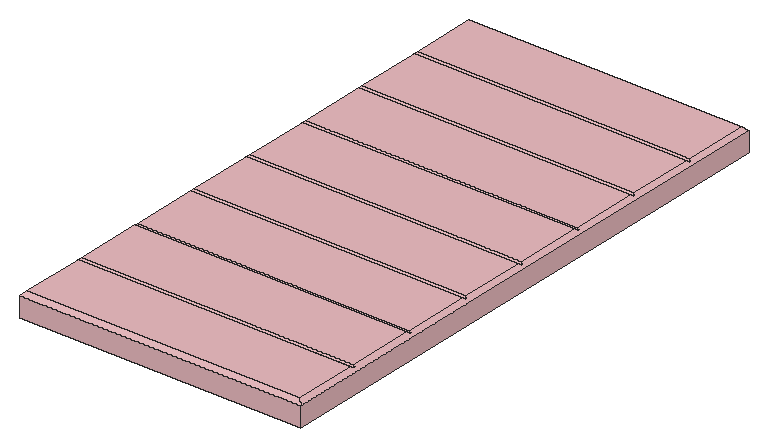
Revit family "LATITUDE 2ft x 4ft", category Specialty Equipment, Revit 2023
Family settings
  Round Connector Dimension = Use Diameter
  Part Type = Normal
  OmniClass Number = 23.35.00.00
  OmniClass Title = Covering, Cladding, and Finishes
  Work Plane-Based = Yes
  Enable Cutting in Views = Yes
  Always vertical = No
  Cut with Voids When Loaded = No
  Maintain Annotation Orientation = No
  Shared = No
  Room Calculation Point = No
Parameters (values of type "2 INCH THICK - CUSTOM PAINTED - STANDARD")
  URL = "https://www.acousticalsurfaces.com/envirocoustic-wood-wool/designs/"
  Type Comments = "Acoustic panels for vertical and horizontal surfaces"
  Thickness = 0' - 2"
  Recycled Content Percentage = "0%"
  Model = "Envirocoustic Wood Wool"
  Material = "Envirocoustic Wood Wool"
  Manufacturer = "Acoustical Surfaces, Inc."
  Fire Rating = "ASTM E84 - Class A"
  Finish = Paint - Acoustical-Surfaces - Custom Painted
  Description = "Acoustic Panels"
  Default Elevation = 0' - 0"
  Backer Thickness = 0' - 1"
  Backer = no
  Assembly Code = "C30"
  Acoustics - NRC = "Sound absorption varies from NRC 0.45 to 0.95 based on installation method used when tested per ASTM C423."
Types (27): name | Thickness | Finish | Backer Thickness | Backer
  2 INCH THICK - CUSTOM PAINTED - STANDARD | 0' - 2" | Paint - Acoustical-Surfaces - Custom Painted | 0' - 1" | no
  2 INCH THICK - PRIMED WHITE - STANDARD | 0' - 2" | Paint - Acoustical-Surfaces - Primed White | 0' - 1" | no
  2 INCH THICK - PRIMED CLEAR - STANDARD | 0' - 2" | Paint - Acoustical-Surfaces - Primed Clear | 0' - 1" | no
  2 INCH THICK - PRIMED WHITE - 2 INCH CFAB BACKER | 0' - 2" | Paint - Acoustical-Surfaces - Primed White | 0' - 2" | yes
  2 INCH THICK - PRIMED WHITE - 1 INCH CFAB BACKER | 0' - 2" | Paint - Acoustical-Surfaces - Primed White | 0' - 1" | yes
  2 INCH THICK - PRIMED CLEAR - 2 INCH CFAB BACKER | 0' - 2" | Paint - Acoustical-Surfaces - Primed Clear | 0' - 2" | yes
  2 INCH THICK - PRIMED CLEAR - 1 INCH CFAB BACKER | 0' - 2" | Paint - Acoustical-Surfaces - Primed Clear | 0' - 1" | yes
  2 INCH THICK - CUSTOM PAINTED - 2 INCH CFAB BACKER | 0' - 2" | Paint - Acoustical-Surfaces - Custom Painted | 0' - 2" | yes
  2 INCH THICK - CUSTOM PAINTED - 1 INCH CFAB BACKER | 0' - 2" | Paint - Acoustical-Surfaces - Custom Painted | 0' - 1" | yes
  1-3/8 INCH THICK - CUSTOM PAINTED - STANDARD | 0' - 1 3/8" | Paint - Acoustical-Surfaces - Custom Painted | 0' - 1" | no
  1-3/8 INCH THICK - PRIMED WHITE - STANDARD | 0' - 1 3/8" | Paint - Acoustical-Surfaces - Primed White | 0' - 1" | no
  1-3/8 INCH THICK - PRIMED CLEAR - STANDARD | 0' - 1 3/8" | Paint - Acoustical-Surfaces - Primed Clear | 0' - 1" | no
  1-3/8 INCH THICK - PRIMED WHITE - 2 INCH CFAB BACKER | 0' - 1 3/8" | Paint - Acoustical-Surfaces - Primed White | 0' - 2" | yes
  1-3/8 INCH THICK - PRIMED WHITE - 1 INCH CFAB BACKER | 0' - 1 3/8" | Paint - Acoustical-Surfaces - Primed White | 0' - 1" | yes
  1-3/8 INCH THICK - PRIMED CLEAR - 2 INCH CFAB BACKER | 0' - 1 3/8" | Paint - Acoustical-Surfaces - Primed Clear | 0' - 2" | yes
  1-3/8 INCH THICK - PRIMED CLEAR - 1 INCH CFAB BACKER | 0' - 1 3/8" | Paint - Acoustical-Surfaces - Primed Clear | 0' - 1" | yes
  1-3/8 INCH THICK - CUSTOM PAINTED - 2 INCH CFAB BACKER | 0' - 1 3/8" | Paint - Acoustical-Surfaces - Custom Painted | 0' - 2" | yes
  1-3/8 INCH THICK - CUSTOM PAINTED - 1 INCH CFAB BACKER | 0' - 1 3/8" | Paint - Acoustical-Surfaces - Custom Painted | 0' - 1" | yes
  1 INCH THICK - CUSTOM PAINTED - STANDARD | 0' - 1" | Paint - Acoustical-Surfaces - Custom Painted | 0' - 1" | no
  1 INCH THICK - PRIMED WHITE - STANDARD | 0' - 1" | Paint - Acoustical-Surfaces - Primed White | 0' - 1" | no
  1 INCH THICK - PRIMED CLEAR - STANDARD | 0' - 1" | Paint - Acoustical-Surfaces - Primed Clear | 0' - 1" | no
  1 INCH THICK - PRIMED WHITE - 2 INCH CFAB BACKER | 0' - 1" | Paint - Acoustical-Surfaces - Primed White | 0' - 2" | yes
  1 INCH THICK - PRIMED WHITE - 1 INCH CFAB BACKER | 0' - 1" | Paint - Acoustical-Surfaces - Primed White | 0' - 1" | yes
  1 INCH THICK - PRIMED CLEAR - 2 INCH CFAB BACKER | 0' - 1" | Paint - Acoustical-Surfaces - Primed Clear | 0' - 2" | yes
  1 INCH THICK - PRIMED CLEAR - 1 INCH CFAB BACKER | 0' - 1" | Paint - Acoustical-Surfaces - Primed Clear | 0' - 1" | yes
  1 INCH THICK - CUSTOM PAINTED - 2 INCH CFAB BACKER | 0' - 1" | Paint - Acoustical-Surfaces - Custom Painted | 0' - 2" | yes
  1 INCH THICK - CUSTOM PAINTED - 1 INCH CFAB BACKER | 0' - 1" | Paint - Acoustical-Surfaces - Custom Painted | 0' - 1" | yes
Reference planes (in)
  plane 1 "Center (Front/Back)": y = 0
  plane 2: z = 0
  plane 3 "Center (Left/Right)": x = 0
  plane 4: x = -12
  plane 5: x = 12
  plane 6: y = 24
  plane 7: y = -24
  plane 8: z = 2
  plane 9: z = -1
Forms (in)
  Extrusion 1, solid, material "Paint - Acoustical-Surfaces - Custom Painted" <- "Finish"
    sketch origin (0, 0, 0) x (1, 0, 0) y (0, 1, 0)
      loop
        line (12, 24) -> (-12, 24) -> (-12, -24) -> (12, -24) -> (12, 24)
    from 0 to 2
  Sweep 2, void
    path in 3D
      loop
        line (12, 24, 2) -> (-12, 24, 2) -> (-12, -24, 2) -> (12, -24, 2) -> (12, 24, 2)
    profile "Triangle : Family2" origin (12, 0, 2) x (-1, 0, 0) y (0, 0, 1)
      loop
        line (0, 0) -> (0, -0.315) -> (0.315, 0) -> (0, 0)
  Extrusion 3, solid, visible <- "Backer"
    sketch origin (0, 0, 0) x (1, 0, 0) y (0, 1, 0)
      loop
        line (12, 24) -> (-12, 24) -> (-12, -24) -> (12, -24) -> (12, 24)
    from 0 to -1
  Sweep 4, void
    path origin (0, 0, 2) x (1, 0, 0) y (0, 1, 0)
      loop
        line (12, 18) -> (-12, 18)
    profile "Groove : Family2" origin (0, 18, 2) x (0, -1, 0) y (0, 0, 1)
      loop
        line (-0.1575, 0) -> (0, -0.1575) -> (0.1575, 0) -> (-0.1575, 0)
  Sweep 5, void
    path origin (0, -6, 2) x (1, 0, 0) y (0, 1, 0)
      loop
        line (12, -6) -> (-12, -6)
    profile "Groove : Family2" origin (0, -12, 2) x (0, -1, 0) y (0, 0, 1)
      loop
        line (-0.1575, 0) -> (0, -0.1575) -> (0.1575, 0) -> (-0.1575, 0)
  Sweep 6, void
    path origin (0, -12, 2) x (1, 0, 0) y (0, 1, 0)
      loop
        line (12, -6) -> (-12, -6)
    profile "Groove : Family2" origin (0, -18, 2) x (0, -1, 0) y (0, 0, 1)
      loop
        line (-0.1575, 0) -> (0, -0.1575) -> (0.1575, 0) -> (-0.1575, 0)
  Sweep 7, void
    path origin (0, -6, 2) x (1, 0, 0) y (0, 1, 0)
      loop
        line (12, 18) -> (-12, 18)
    profile "Groove : Family2" origin (0, 12, 2) x (0, -1, 0) y (0, 0, 1)
      loop
        line (-0.1575, 0) -> (0, -0.1575) -> (0.1575, 0) -> (-0.1575, 0)
  Sweep 8, void
    path origin (0, -12, 2) x (1, 0, 0) y (0, 1, 0)
      loop
        line (12, 18) -> (-12, 18)
    profile "Groove : Family2" origin (0, 6, 2) x (0, -1, 0) y (0, 0, 1)
      loop
        line (-0.1575, 0) -> (0, -0.1575) -> (0.1575, 0) -> (-0.1575, 0)
  Sweep 9, void
    path origin (0, -18, 2) x (1, 0, 0) y (0, 1, 0)
      loop
        line (12, 18) -> (-12, 18)
    profile "Groove : Family2" origin (0, 0, 2) x (0, -1, 0) y (0, 0, 1)
      loop
        line (-0.1575, 0) -> (0, -0.1575) -> (0.1575, 0) -> (-0.1575, 0)
  Sweep 10, void
    path origin (0, -24, 2) x (1, 0, 0) y (0, 1, 0)
      loop
        line (12, 18) -> (-12, 18)
    profile "Groove : Family2" origin (0, -6, 2) x (0, -1, 0) y (0, 0, 1)
      loop
        line (-0.1575, 0) -> (0, -0.1575) -> (0.1575, 0) -> (-0.1575, 0)
Cuts and joins
  Sweep 2, Sweep 4, Sweep 5, Sweep 6, Sweep 7, Sweep 8, Sweep 9, Sweep 10 cuts Extrusion 1
Lines and regions (in)
  sketch lines
    curve 1: line (12, -24, 2) -> (12, 24, 2)
    curve 2: line (-12, -24, 2) -> (12, -24, 2)
    curve 3: line (-12, 24, 2) -> (-12, -24, 2)
    curve 4: line (12, 24, 2) -> (-12, 24, 2)
Dimensions and locks (in)
  equal spacing: plane 4, plane 3 "Center (Left/Right)", plane 5
  equal spacing: plane 7, plane 1 "Center (Front/Back)", plane 6
  plane 7 to plane 6 = 4' - 0"
  locked: plane 4 to plane 5 at 24
  "Thickness": plane 8 to level
  "Backer Thickness": level to plane 9
  aligned and locked: level to plane 2
  aligned and locked: Extrusion 1 sketch curve to plane 4
  aligned and locked: plane 5 to Extrusion 1 sketch curve
  aligned and locked: Extrusion 1 sketch curve to plane 6
  aligned and locked: Extrusion 1 sketch curve to plane 7
  aligned and locked: Extrusion 1 to plane 8
  aligned and locked: Extrusion 3 sketch curve to plane 4
  aligned and locked: plane 5 to Extrusion 3 sketch curve
  aligned and locked: Extrusion 3 sketch curve to plane 6
  aligned and locked: Extrusion 3 sketch curve to plane 7
  aligned and locked: plane 9 to Extrusion 3
Automatic sketch dimensions
  Sweep 4 sketch curve to Extrusion 1 = 0' - 0"  (x2)
  Sweep 4 sketch curve to Extrusion 1 = 0' - 6"
  Sweep 5 sketch curve to Extrusion 1 = 0' - 0"  (x2)
  Sweep 5 sketch curve to Extrusion 1 = 1' - 0"
  Sweep 6 sketch curve to Extrusion 1 = 0' - 0"  (x2)
  Sweep 6 sketch curve to Extrusion 1 = 0' - 6"
  Sweep 7 sketch curve to Extrusion 1 = 0' - 0"  (x2)
  Sweep 7 sketch curve to Extrusion 1 = 1' - 0"
  Sweep 8 sketch curve to Extrusion 1 = 0' - 0"  (x2)
  Sweep 8 sketch curve to Extrusion 1 = 1' - 6"
  Sweep 9 sketch curve to Extrusion 1 = 0' - 0"  (x2)
  Sweep 9 sketch curve to Extrusion 1 = 2' - 0"
  Sweep 10 sketch curve to Extrusion 1 = 0' - 0"  (x2)
  Sweep 10 sketch curve to Extrusion 1 = 1' - 6"
